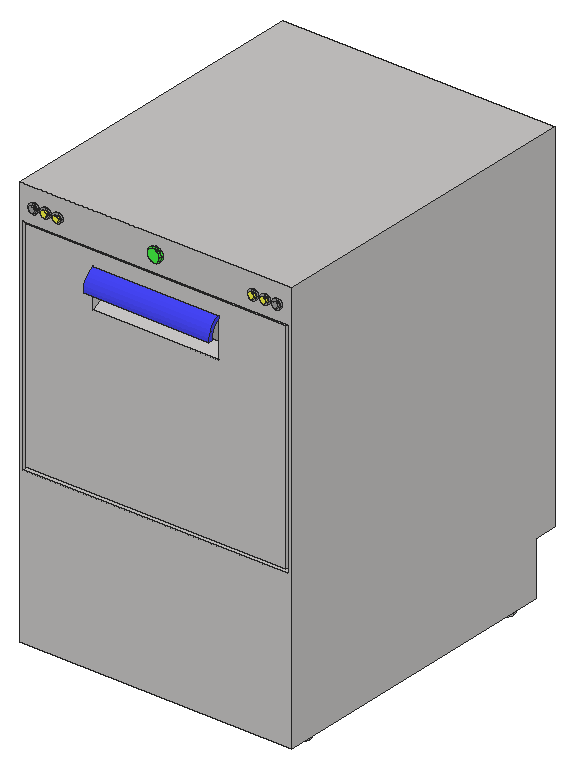
Revit family "QF_ZANUSSI_402288_ES", category Specialty Equipment, Revit 2018
Family settings
  Round Connector Dimension = Use Diameter
  Part Type = Normal
  Work Plane-Based = No
  Always vertical = Yes
  Cut with Voids When Loaded = No
  Shared = No
  Room Calculation Point = No
Parameters (values of type "Standard")
  Weight = 36.50 kg
  Watts = 250.838 W
  Volts = 220 V
  URL Manufacturer = "http://professional.electrolux.com"
  URL = "http://professional.electrolux.com"
  Steam Supply Size = 0 mm
  Steam Supply Minimum Pressure = 0.0 Pa
  Steam Supply Maximum Pressure = 0.0 Pa
  Steam Pounds per Hour = 0
  Show Logo [instance] = yes
  Show Clearance [instance] = yes
  Refrigeration Suction Line Size = 0 mm
  Refrigeration Liquid Line Size = 0 mm
  Refrigerant Compressor Remote = yes
  Manufacturer = "Electrolux Professional"
  Phase = 1
  Model = "ES"
  Length Actual = 455 mm  # constant formula
  Item Number = "402288"
  Hot Water Size = 0 mm
  Height Actual = 700 mm  # constant formula
  HP = "3.6 HP"
  Gas Size = 0 mm
  Gas KW = 0
  Gas Input Pressure = 0 W
  Description = "GLASSWASHER(S), SINGLE SKIN, 30B/H"
  Depth Actual = 550 mm  # constant formula
  Cycle = 50 Hz
  Condensate Return Size = 0 mm
  Compressed Air Volume = 0.0 L/s
  Compressed Air Size = 0 mm
  Compressed Air Pressure = 0.0 Pa
  Cold Water Size = 19.05 mm
  Accessory = yes
Types (2, lengths in mm): name | URL | Manufacturer | Phase | Model | Description | Cold Water Size
  (no name) | "http://professional.electrolux.com/" | 0 | 0 | 0 | 0 | 0
  Standard | "http://professional.electrolux.com" | "Electrolux Professional" | 1 | "ES" | "GLASSWASHER(S), SINGLE SKIN, 30B/H" | 19.05
Values of the unnamed type that differ from the named types
  Watts = 0 W
  Volts = 0 V
  URL Manufacturer = ""
  Item Number = ""
  HP = ""
  Cycle = 0 Hz
Reference planes
  plane 1 "Center (Front/Back)": y = 0
  plane 2: z = 0
  plane 3 "Center (Left/Right)": x = 0
  plane 4 "LEFT": x = -227.5
  plane 5 "RIGHT": x = 227.5
  plane 6 "FRONT": y = -275
  plane 7 "BACK": y = 275
  plane 8: z = 700
  plane 9: z = 10
  plane 10: y = 236
Forms (mm)
  Extrusion 1, solid, material "QF_Finishes_Stainless Steel"
    sketch origin (0, 0, 0) x (1, 0, 0) y (0, 1, 0)
      loop
        line (-227.5, -275) -> (227.5, -275) -> (227.5, 236) -> (-227.5, 236) -> (-227.5, -275)
    from 10 to 700
  Extrusion 2, solid, material "QF_Finishes_Stainless Steel"
    sketch origin (0, 0, 0) x (1, 0, 0) y (0, 1, 0)
      loop
        line (-227.5, 236) -> (227.5, 236) -> (227.5, 275) -> (-227.5, 275) -> (-227.5, 236)
    from 100 to 700
  Extrusion 3, solid, material "QF_Finishes_Stainless Steel"
    sketch origin (0, 0, 0) x (1, 0, 0) y (0, 1, 0)
      loop
        circle (-208, 198) r 12.5
      loop
        circle (208, 198) r 12.5
      loop
        circle (-208, -228) r 12.5
      loop
        circle (208, -228) r 12.5
    from 0 to 10
  Extrusion 4, void
    sketch origin (-227.5, -275, 0) x (-1, 0, 0) y (0, 0, 1)
      loop
        line (-5, 643.217) -> (-450, 643.217) -> (-450, 270) -> (-5, 270) -> (-5, 643.217)
    from 0 to 30
  Extrusion 5, solid, material "QF_Finishes_Stainless Steel"
    sketch origin (-212, -392, 752) x (0, 0, -1) y (1, 0, 0)
      loop
        circle (693, 215.5) r 10
    from -628 to -667
  Extrusion 6, solid, material "QF_Door-Drawer Clearances", visible <- "Show Clearance", detail levels coarse
    sketch origin (-230, -282.5, 0) x (0, 1, 0) y (0, 0, -1)
      loop
        line (7.5, -275) -> (-335.5, -275)
        arc (-335.5, -275) -> (-241.325, -530.164) -> (7.5, -640) r 348.592
        line (7.5, -640) -> (7.5, -275)
    from -11.656 to -447.5
  Extrusion 7, solid, material "QF_Finishes_Stainless Steel"
    sketch origin (-432.481, -392, 722) x (0, 0, -1) y (1, 0, 0)
      loop
        circle (663, 324.981) r 8
    from -628 to -667
  Extrusion 8, solid, material "QF_Finishes_Stainless Steel"
    sketch origin (-230, -282.5, 0) x (0, 1, 0) y (0, 0, -1)
      loop
        line (7.5, -275) -> (7.5, -640) -> (32.5, -640) -> (32.5, -275) -> (7.5, -275)
    from -11.656 to -447.5
  Extrusion 9, solid, material "QF_Finishes_Stainless Steel"
    sketch origin (-268, -392, 682.5) x (0, 0, -1) y (1, 0, 0)
      loop
        circle (663, 230.5) r 8
    from -628 to -667
  Extrusion 10, solid, material "QF_Finishes_Green"
    sketch origin (-230, -275, 0) x (1, 0, 0) y (0, 0, 1)
      loop
        circle (230, 670.819) r 12
      loop
        circle (230, 670.819) r 10
    from 0 to 2.5
  Extrusion 11, void
    sketch origin (-225.452, 209.5, 42.5) x (0, 1, 0) y (0, 0, 1)
      loop
        line (-484.5, 568.217) -> (-484.5, 507.5) -> (-462.849, 520) -> (-484.5, 568.217)
    from 120.452 to 330.452
  Extrusion 12, solid, material "QF_Finishes_Blue"
    sketch origin (-227.5, 236, 0) x (0, -1, 0) y (0, 0, 1)
      loop
        line (511, 615.863) -> (511, 610.513)
        arc (511, 610.513) -> (522.966, 599.801) -> (525.861, 584.005) r 24.803
        line (525.861, 584.005) -> (530.907, 584.005)
        arc (530.907, 584.005) -> (526.605, 603.465) -> (511, 615.863) r 29.803
    from -332.5 to -122.5
  Extrusion 13, solid, material "QF_Finishes_Green"
    sketch origin (234, -275, -28.75) x (-1, 0, 0) y (0, 0, -1)
      loop
        circle (234, -699.569) r 10
    from 0 to 5
  Extrusion 14, solid, material "QF_Finishes_Gray"
    sketch origin (103.327, -275, -30.575) x (-1, 0, 0) y (0, 0, -1)
      loop
        circle (306.936, -698.972) r 5
    from 0 to 5
  Extrusion 15, solid, material "QF_Finishes_Gray"
    sketch origin (79.327, -275, -34.95) x (-1, 0, 0) y (0, 0, -1)
      loop
        circle (262.936, -703.347) r 8
      loop
        circle (262.936, -703.347) r 5
      loop
        circle (242.936, -703.347) r 8
      loop
        circle (242.936, -703.347) r 5
      loop
        circle (282.936, -703.347) r 8
      loop
        circle (282.936, -703.347) r 5
    from 0 to 2.5
  Extrusion 16, solid, material "QF_Finishes_Yellow"
    sketch origin (123.327, -275, -30.575) x (-1, 0, 0) y (0, 0, -1)
      loop
        circle (306.936, -698.972) r 5
    from 0 to 5
  Extrusion 17, solid, material "QF_Finishes_Yellow"
    sketch origin (143.327, -275, -30.575) x (-1, 0, 0) y (0, 0, -1)
      loop
        circle (306.936, -698.972) r 5
    from 0 to 5
  Extrusion 18, solid, material "QF_Finishes_Gray"
    sketch origin (-103.327, -275, -30.575) x (1, 0, 0) y (0, 0, 1)
      loop
        circle (306.936, 698.972) r 5
    from 0 to 5
  Extrusion 19, solid, material "QF_Finishes_Gray"
    sketch origin (-79.327, -275, -34.95) x (1, 0, 0) y (0, 0, 1)
      loop
        circle (262.936, 703.347) r 8
      loop
        circle (262.936, 703.347) r 5
      loop
        circle (242.936, 703.347) r 8
      loop
        circle (242.936, 703.347) r 5
      loop
        circle (282.936, 703.347) r 8
      loop
        circle (282.936, 703.347) r 5
    from 0 to 2.5
  Extrusion 20, solid, material "QF_Finishes_Yellow"
    sketch origin (-123.327, -275, -30.575) x (1, 0, 0) y (0, 0, 1)
      loop
        circle (306.936, 698.972) r 5
    from 0 to 5
  Extrusion 21, solid, material "QF_Finishes_Yellow"
    sketch origin (-143.327, -275, -30.575) x (1, 0, 0) y (0, 0, 1)
      loop
        circle (306.936, 698.972) r 5
    from 0 to 5
  Extrusion 22, solid, material "QF_Finishes_Yellow"
    sketch origin (-143.327, -275, -30.575) x (1, 0, 0) y (0, 0, 1)
      loop
        circle (306.936, 698.972) r 5
    from 0 to 5
Cuts and joins
  Extrusion 4 cuts Extrusion 1
  joined: Extrusion 1, Extrusion 2
  Extrusion 11 cuts Extrusion 8
Lines and regions (mm)
  Split face 1
    outline origin (-227.5, -275, 700) x (0, 0, -1) y (1, 0, 0)
      loop
        line (56.783, 5) -> (56.783, 0)
      loop
        line (56.783, 450) -> (56.783, 455)
      loop
        line (22.034, 455) -> (22.034, 384.297)
        arc (22.034, 384.297) -> (22.64, 381.25) -> (24.366, 378.667) r 7.962
        line (24.366, 378.667) -> (44.289, 358.744)
        arc (44.289, 358.744) -> (46.135, 355.982) -> (46.783, 352.723) r 8.515
        line (46.783, 352.723) -> (46.783, 246.977)
        arc (46.783, 246.977) -> (46.096, 245.319) -> (44.439, 244.633) r 2.344
        line (44.439, 244.633) -> (15.017, 244.633)
        arc (15.017, 244.633) -> (12.73, 243.685) -> (11.783, 241.398) r 3.234
        line (11.783, 241.398) -> (11.783, 227.133) -> (11.783, 212.867)
        arc (11.783, 212.867) -> (12.73, 210.58) -> (15.017, 209.633) r 3.234
        line (15.017, 209.633) -> (44.439, 209.633)
        arc (44.439, 209.633) -> (46.096, 208.946) -> (46.783, 207.289) r 2.344
        line (46.783, 207.289) -> (46.783, 102.277)
        arc (46.783, 102.277) -> (46.135, 99.018) -> (44.289, 96.256) r 8.515
        line (44.289, 96.256) -> (24.366, 76.333)
        arc (24.366, 76.333) -> (22.64, 73.75) -> (22.034, 70.703) r 7.962
        line (22.034, 70.703) -> (22.034, 0)
  symbolic lines
    curve 1: line (-227.5, 275, 0) -> (227.5, 275, 0)
    curve 2: line (-227.5, -275, 0) -> (-227.5, 275, 0)
    curve 3: line (227.5, -275, 0) -> (-227.5, -275, 0)
    curve 4: line (227.5, 275, 0) -> (227.5, -275, 0)
    curve 8: line (-12, -277.5, 0) -> (12, -277.5, 0)
    curve 9: line (12, -277.5, 0) -> (12, -275, 0)
    curve 10: line (-12, -277.5, 0) -> (-12, -275, 0)
    curve 11: line (-10, -280, 0) -> (10, -280, 0)
    curve 12: line (10, -280, 0) -> (10, -277.5, 0)
    curve 13: line (-10, -280, 0) -> (-10, -277.5, 0)
    curve 16: line (-211.6, -277.5, 0) -> (-211.6, -275, 0)
    curve 17: line (-195.609, -277.5, 0) -> (-195.609, -275, 0)
    curve 18: line (-208.587, -280, 0) -> (-198.596, -280, 0)
    curve 19: line (-198.596, -280, 0) -> (-198.596, -277.5, 0)
    curve 20: line (-208.587, -280, 0) -> (-208.587, -277.5, 0)
    curve 21: line (-191.596, -277.5, 0) -> (-175.596, -277.5, 0)
    curve 22: line (-175.596, -277.5, 0) -> (-175.596, -275, 0)
    curve 23: line (-191.596, -277.5, 0) -> (-191.596, -275, 0)
    curve 24: line (-188.596, -280, 0) -> (-178.596, -280, 0)
    curve 25: line (-178.596, -280, 0) -> (-178.596, -277.5, 0)
    curve 26: line (-188.596, -280, 0) -> (-188.596, -277.5, 0)
    curve 27: line (-171.596, -277.5, 0) -> (-155.596, -277.5, 0)
    curve 28: line (-155.596, -277.5, 0) -> (-155.596, -275, 0)
    curve 29: line (-171.596, -277.5, 0) -> (-171.596, -275, 0)
    curve 30: line (-168.596, -280, 0) -> (-158.596, -280, 0)
    curve 31: line (-158.596, -280, 0) -> (-158.596, -277.5, 0)
    curve 32: line (-168.596, -280, 0) -> (-168.596, -277.5, 0)
    curve 33: line (175.609, -277.5, 0) -> (191.609, -277.5, 0)
    curve 34: line (191.609, -277.5, 0) -> (191.609, -275, 0)
    curve 35: line (178.609, -280, 0) -> (188.609, -280, 0)
    curve 36: line (188.609, -280, 0) -> (188.609, -277.5, 0)
    curve 37: line (178.609, -280, 0) -> (178.609, -277.5, 0)
    curve 38: line (175.609, -277.5, 0) -> (175.609, -275, 0)
    curve 39: line (195.609, -277.5, 0) -> (211.609, -277.5, 0)
    curve 40: line (211.609, -277.5, 0) -> (211.609, -275, 0)
    curve 41: line (198.609, -280, 0) -> (208.609, -280, 0)
    curve 42: line (208.609, -280, 0) -> (208.609, -277.5, 0)
    curve 43: line (198.609, -280, 0) -> (198.609, -277.5, 0)
    curve 44: line (195.609, -277.5, 0) -> (195.609, -275, 0)
    curve 45: line (-112.5, -275, 0) -> (-112.5, -295.134, 0)
    curve 46: line (112.5, -275, 0) -> (112.5, -295.134, 0)
    curve 47: line (112.5, -295.134, 0) -> (-112.5, -295.134, 0)
    curve 48: line (155.609, -277.5, 0) -> (171.609, -277.5, 0)
    curve 49: line (171.609, -277.5, 0) -> (171.609, -275, 0)
    curve 50: line (158.609, -280, 0) -> (168.609, -280, 0)
    curve 51: line (168.609, -280, 0) -> (168.609, -277.5, 0)
    curve 52: line (158.609, -280, 0) -> (158.609, -277.5, 0)
    curve 53: line (155.609, -277.5, 0) -> (155.609, -275, 0)
  symbolic lines, style "QF_Door-Drawer Clearances"
    curve 5: line (-217.5, -618, 0) -> (217.5, -618, 0)
    curve 6: line (217.5, -618, 0) -> (217.5, -275, 0)
    curve 7: line (-217.5, -618, 0) -> (-217.5, -275, 0)
  symbolic lines, style "SpecialityEquipmentHiddenLines"
    curve 14: line (-227.5, 236, 0) -> (227.5, 236, 0)
  symbolic lines, style "SpecialityEquipment"
    curve 15: line (-211.6, -277.5, 0) -> (-195.609, -277.5, 0)
Dimensions and locks
  equal spacing: plane 4 "LEFT", plane 3 "Center (Left/Right)", plane 5 "RIGHT"
  equal spacing: plane 7 "BACK", plane 1 "Center (Front/Back)", plane 6 "FRONT"
  plane 7 "BACK" to plane 6 "FRONT" = 550 mm
  plane 4 "LEFT" to plane 5 "RIGHT" = 455 mm
  locked: plane 9 to level at 10
  plane 4 "LEFT" to plane 3 "Center (Left/Right)" = 227.5 mm
  plane 8 to level = 700 mm  (x2)
  level to Extrusion 9 sketch curve = 19.5 mm
  Extrusion 9 sketch curve to plane 4 "LEFT" = 190 mm
  level to Extrusion 5 sketch curve = 59 mm
  Extrusion 5 sketch curve to plane 4 "LEFT" = 231 mm
  Extrusion 7 sketch curve to plane 4 "LEFT" = 120 mm
  level to Extrusion 7 sketch curve = 59 mm
  Extrusion 3 to cut or joined group of Extrusion 1, Extrusion 2, Extrusion 4 = 77 mm
  Extrusion 3 to Extrusion 3 = 426 mm
  plane 6 "FRONT" to Extrusion 3 = 47 mm
  plane 1 "Center (Front/Back)" to plane 6 "FRONT" = 275 mm
  locked: plane 7 "BACK" to plane 10 at 39
  plane 6 "FRONT" to curve 5 = 343 mm
  Extrusion 8 to cut or joined group of Extrusion 1, Extrusion 2, Extrusion 4 = 370 mm
  aligned and locked: level to plane 2
  aligned and locked: Extrusion 1 sketch curve to plane 6 "FRONT"
  aligned and locked: Extrusion 1 sketch curve to plane 4 "LEFT"
  aligned and locked: plane 5 "RIGHT" to Extrusion 1 sketch curve
  aligned and locked: Extrusion 1 to plane 9
  aligned and locked: Extrusion 2 sketch curve to Extrusion 1
  aligned and locked: plane 7 "BACK" to Extrusion 2 sketch curve
  aligned and locked: plane 5 "RIGHT" to Extrusion 2 sketch curve
  aligned and locked: plane 9 to Extrusion 3
  aligned and locked: cut or joined group of Extrusion 1, Extrusion 2, Extrusion 4 to plane 10
Automatic sketch dimensions
  curve 1 to plane 4 "LEFT" = 0 mm
  curve 7 to plane 6 "FRONT" = 0 mm
  curve 4 to plane 5 "RIGHT" = 0 mm
  curve 14 to plane 10 = 0 mm
  curve 2 to plane 7 "BACK" = 0 mm
  plane 4 "LEFT" to curve 5 = 10 mm
  curve 15 to plane 6 "FRONT" = 2.5 mm
  curve 7 to curve 15 = 5.9 mm
  curve 15 to curve 20 = 3.013 mm
  curve 18 to curve 19 = 9.991 mm
  curve 19 to curve 17 = 2.987 mm
  curve 15 to curve 23 = 4.013 mm
  curve 21 to curve 24 = 3 mm
  curve 25 to plane 6 "FRONT" = 5 mm
  curve 24 to curve 25 = 10 mm
  curve 25 to curve 22 = 3 mm
  curve 21 to curve 27 = 4 mm
  curve 27 to curve 30 = 3 mm
  curve 31 to plane 6 "FRONT" = 5 mm
  curve 30 to curve 31 = 10 mm
  curve 31 to curve 27 = 3 mm
  curve 45 to plane 6 "FRONT" = 20.134 mm
  curve 27 to curve 45 = 43.096 mm
  curve 8 to plane 6 "FRONT" = 2.5 mm
  curve 8 to plane 3 "Center (Left/Right)" = 12 mm
  curve 8 to curve 11 = 2 mm
  plane 3 "Center (Left/Right)" to curve 11 = 10 mm
  curve 12 to curve 8 = 2 mm
  curve 8 to curve 47 = 100.5 mm
  curve 53 to plane 6 "FRONT" = 2.5 mm
  curve 46 to curve 53 = 43.109 mm
  curve 48 to curve 52 = 3 mm
  curve 51 to plane 6 "FRONT" = 5 mm
  curve 50 to curve 51 = 10 mm
  curve 51 to curve 48 = 3 mm
  curve 48 to curve 38 = 4 mm
  curve 33 to curve 37 = 3 mm
  curve 35 to plane 6 "FRONT" = 5 mm
  curve 35 to curve 35 = 10 mm
  curve 36 to curve 34 = 3 mm
  curve 33 to curve 44 = 4 mm
  curve 39 to curve 41 = 3 mm
  curve 41 to plane 6 "FRONT" = 5 mm
  curve 41 to curve 41 = 10 mm
  curve 42 to curve 40 = 3 mm
  curve 6 to plane 5 "RIGHT" = 10 mm
  curve 11 to curve 13 = 2.5 mm
  curve 20 to curve 20 = 2.5 mm
  curve 21 to plane 6 "FRONT" = 2.5 mm
  curve 27 to plane 6 "FRONT" = 2.5 mm
  curve 44 to plane 6 "FRONT" = 2.5 mm
  curve 33 to plane 6 "FRONT" = 2.5 mm
  Extrusion 1 sketch curve to plane 10 = 0 mm
  Extrusion 2 sketch curve to plane 10 = 0 mm
  plane 4 "LEFT" to Extrusion 3 sketch curve = 19.5 mm  (x2)
  Extrusion 3 sketch curve to plane 5 "RIGHT" = 19.5 mm  (x2)
  plane 6 "FRONT" to Extrusion 3 sketch curve = 47 mm  (x2)
  Extrusion 3 sketch curve to plane 10 = 38 mm  (x2)
  Extrusion 4 sketch curve to Extrusion 1 = 5 mm  (x2)
  Extrusion 4 sketch curve to Extrusion 1 = 260 mm
  Extrusion 4 sketch curve to Extrusion 1 = 56.783 mm
  Extrusion 6 sketch curve to plane 6 "FRONT" = 0 mm
  Extrusion 6 sketch curve to plane 6 "FRONT" = 343 mm
  plane 6 "FRONT" to Extrusion 6 sketch curve = 5.204 mm
  Extrusion 6 sketch curve to plane 8 = 60 mm
  level to Extrusion 6 sketch curve = 291.447 mm
  Extrusion 8 sketch curve to plane 6 "FRONT" = 0 mm
  Extrusion 8 sketch curve to Extrusion 8 sketch curve = 25 mm
  Extrusion 8 sketch curve to plane 8 = 60 mm
  plane 9 to Extrusion 8 sketch curve = 265 mm
  Extrusion 10 sketch curve to Extrusion 10 sketch curve = 0 mm  (x2)
  Extrusion 1 to Extrusion 10 sketch curve = 29.181 mm
  Extrusion 1 to Extrusion 10 sketch curve = 227.5 mm
  Extrusion 11 sketch curve to plane 6 "FRONT" = 0 mm
  plane 6 "FRONT" to Extrusion 11 sketch curve = 21.651 mm
  Extrusion 11 sketch curve to plane 8 = 150 mm
  Extrusion 11 sketch curve to Extrusion 11 sketch curve = 12.5 mm
  Extrusion 11 sketch curve to Extrusion 11 sketch curve = 48.217 mm
  Extrusion 12 sketch curve to Extrusion 12 sketch curve = 0 mm  (x2)
  Extrusion 12 sketch curve to Extrusion 1 = 0 mm
  Extrusion 12 sketch curve to Extrusion 1 = 9.669 mm
  Extrusion 1 to Extrusion 12 sketch curve = 14.861 mm
  Extrusion 12 sketch curve to Extrusion 12 sketch curve = 5.046 mm
  Extrusion 1 to Extrusion 12 sketch curve = 115.995 mm
  Extrusion 12 sketch curve to Extrusion 12 sketch curve = 3.668 mm
  cut or joined group of Extrusion 1, Extrusion 2, Extrusion 4 to Split face 1 sketch curve = 0 mm  (x2)
  Split face 1 sketch curve to cut or joined group of Extrusion 1, Extrusion 2, Extrusion 4 = 0 mm  (x6)
  cut or joined group of Extrusion 1, Extrusion 2, Extrusion 4 to Split face 1 sketch curve = 10 mm  (x2)
  Split face 1 sketch curve to Split face 1 sketch curve = 2.344 mm  (x2)
  Split face 1 sketch curve to Split face 1 sketch curve = 2.494 mm  (x2)
  Split face 1 sketch curve to Split face 1 sketch curve = 8.515 mm  (x2)
  cut or joined group of Extrusion 1, Extrusion 2, Extrusion 4 to Split face 1 sketch curve = 26.786 mm  (x2)
  Split face 1 sketch curve to Split face 1 sketch curve = 5.63 mm  (x2)
  Split face 1 sketch curve to Split face 1 sketch curve = 2.332 mm  (x2)
  Split face 1 sketch curve to cut or joined group of Extrusion 1, Extrusion 2, Extrusion 4 = 15.017 mm  (x2)
  Split face 1 sketch curve to cut or joined group of Extrusion 1, Extrusion 2, Extrusion 4 = 11.783 mm
  Split face 1 sketch curve to cut or joined group of Extrusion 1, Extrusion 2, Extrusion 4 = 65.703 mm
  Split face 1 sketch curve to Split face 1 sketch curve = 19.923 mm  (x2)
  Split face 1 sketch curve to Split face 1 sketch curve = 105.012 mm
  Split face 1 sketch curve to Split face 1 sketch curve = 14.266 mm  (x2)
  Split face 1 sketch curve to cut or joined group of Extrusion 1, Extrusion 2, Extrusion 4 = 97.277 mm
  Extrusion 13 sketch curve to Extrusion 13 sketch curve = 0 mm  (x2)
  Extrusion 13 sketch curve to plane 3 "Center (Left/Right)" = 0 mm
  Extrusion 13 sketch curve to plane 8 = 29.181 mm
  plane 3 "Center (Left/Right)" to Extrusion 13 sketch curve = 10 mm
  Extrusion 14 sketch curve to Extrusion 14 sketch curve = 0 mm  (x2)
  plane 4 "LEFT" to Extrusion 14 sketch curve = 23.891 mm
  Extrusion 14 sketch curve to plane 8 = 31.603 mm
  Extrusion 14 sketch curve to Extrusion 14 sketch curve = 5 mm
  Extrusion 15 sketch curve to Extrusion 15 sketch curve = 0 mm  (x8)
  Extrusion 15 sketch curve to plane 8 = 31.603 mm
  plane 4 "LEFT" to Extrusion 15 sketch curve = 63.891 mm
  Extrusion 15 sketch curve to Extrusion 15 sketch curve = 20 mm  (x2)
  Extrusion 16 sketch curve to Extrusion 16 sketch curve = 0 mm  (x2)
  plane 4 "LEFT" to Extrusion 16 sketch curve = 43.891 mm
  Extrusion 16 sketch curve to plane 8 = 31.603 mm
  Extrusion 16 sketch curve to Extrusion 16 sketch curve = 5 mm
  Extrusion 17 sketch curve to Extrusion 17 sketch curve = 0 mm  (x2)
  Extrusion 17 sketch curve to plane 8 = 31.603 mm
  plane 4 "LEFT" to Extrusion 17 sketch curve = 63.891 mm
  Extrusion 17 sketch curve to Extrusion 17 sketch curve = 5 mm
  Extrusion 18 sketch curve to Extrusion 18 sketch curve = 0 mm  (x2)
  Extrusion 18 sketch curve to plane 5 "RIGHT" = 23.891 mm
  Extrusion 18 sketch curve to plane 8 = 31.603 mm
  Extrusion 18 sketch curve to Extrusion 18 sketch curve = 5 mm
  Extrusion 19 sketch curve to Extrusion 19 sketch curve = 0 mm  (x8)
  Extrusion 19 sketch curve to plane 8 = 31.603 mm
  Extrusion 19 sketch curve to plane 5 "RIGHT" = 63.891 mm
  Extrusion 19 sketch curve to Extrusion 19 sketch curve = 20 mm  (x2)
  Extrusion 20 sketch curve to Extrusion 20 sketch curve = 0 mm  (x2)
  Extrusion 20 sketch curve to plane 5 "RIGHT" = 43.891 mm
  Extrusion 20 sketch curve to plane 8 = 31.603 mm
  Extrusion 20 sketch curve to Extrusion 20 sketch curve = 5 mm
  Extrusion 21 sketch curve to Extrusion 21 sketch curve = 0 mm  (x2)
  Extrusion 21 sketch curve to plane 8 = 31.603 mm
  Extrusion 21 sketch curve to plane 5 "RIGHT" = 63.891 mm
  Extrusion 21 sketch curve to Extrusion 21 sketch curve = 5 mm
  Extrusion 22 sketch curve to Extrusion 22 sketch curve = 0 mm  (x2)
  Extrusion 22 sketch curve to plane 8 = 31.603 mm
  Extrusion 22 sketch curve to plane 5 "RIGHT" = 63.891 mm
  Extrusion 22 sketch curve to Extrusion 22 sketch curve = 5 mm
  radius of Extrusion 3 sketch curve = 12.5 mm  (x4)
  radius of Extrusion 5 sketch curve = 10 mm
  radius of Extrusion 7 sketch curve = 8 mm
  radius of Extrusion 9 sketch curve = 8 mm
  radius of Extrusion 10 sketch curve = 12 mm
  radius of Extrusion 10 sketch curve = 10 mm
  radius of Extrusion 15 sketch curve = 8 mm  (x3)
  radius of Extrusion 15 sketch curve = 5 mm  (x3)
  radius of Extrusion 19 sketch curve = 8 mm  (x3)
  radius of Extrusion 19 sketch curve = 5 mm  (x3)
Connectors
  piping at (3.5, 275, 59), diameter 20
    settings: on Extrusion 5, index 1, connector inside diameter 609.6 mm, connector length 0 mm, flow factor 0, pipe flow 0.0 L/s, pressure drop 0.0 Pa, fitting loss kfactor 0, connector angle 0.00°, fixture units 0, engagement length 0 mm, angle of deflection 0.00°, flow configuration 1, flow direction 1, fitting loss method 0, system type 16, joint type 0, gender type 0, connector reference index -1, connector utility 0, adjustable connector no, is connector primary yes, connector description "Drain"
  piping at (-107.5, 275, 59), diameter 19.05, driven by "Cold Water Size"
    settings: on Extrusion 7, index 3, connector inside diameter 609.6 mm, connector length 0 mm, flow factor 0, pipe flow 0.0 L/s, pressure drop 0.0 Pa, fitting loss kfactor 0, connector angle 0.00°, fixture units 0, engagement length 0 mm, angle of deflection 0.00°, flow configuration 1, flow direction 1, fitting loss method 0, system type 20, joint type 0, gender type 0, connector reference index -1, connector utility 0, adjustable connector no, is connector primary no, connector description "Cold Water Inlet"
  electrical at (-37.5, 275, 19.5), driven by "Volts"
    settings: on Extrusion 9, index 4, voltage 220 V, apparent load 0 VA, apparent load phase1 0 VA, apparent load phase2 0 VA, apparent load phase3 0 VA, power factor 1, load classification "Altro", number of poles 1, system type 31, power factor state 1, is connector primary yes, connector utility no, sub classification motor no, connector description "Electrical Connection"
